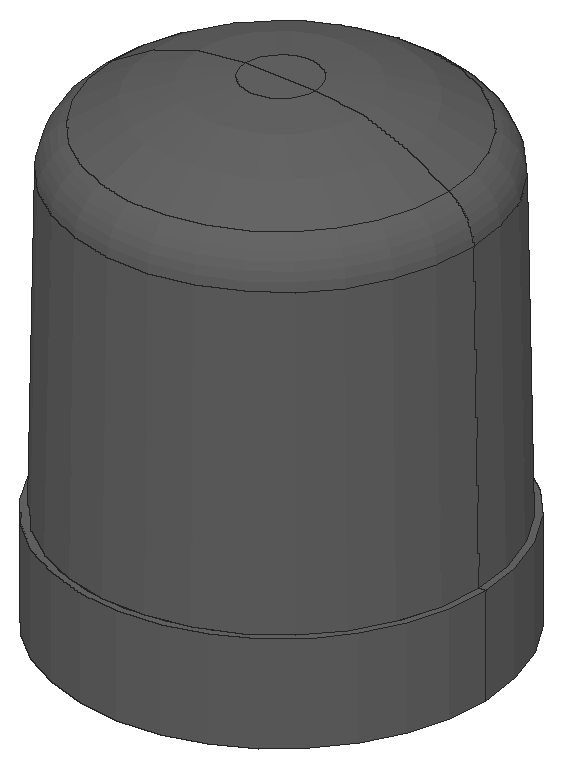
Revit family "WIR-RME", category Communication Devices, host Face, Revit 2021
Family settings
  Host = Face
  Maintain Annotation Orientation = No
  Round Connector Dimension = Use Diameter
  Part Type = Normal
  OmniClass Number = 23.85.80.11.27
  OmniClass Title = Lighting Controls
  Cut with Voids When Loaded = No
  Shared = Yes
  Room Calculation Point = No
Parameters (values of type "WIR-RME")
  Warranty = "5-Years Warranty"  # constant formula
  Electrical Rating = "Input: 120-480VAC, 16A Max, 50-60Hz\r\nOutput: 5A@120-347V, 3A@480V\r\nSurge Withstand: 2000V\r\nPeak Inrush: 160A for 2 ms Max\r\nStandby Power (W):\r\n120VAC: 1.2\r\n277VAC: 1.5\r\n347VAC: 1.5\r\n480VAC:1.3"
  Type Comments = "wiSCAPE® External Fixture Module"  # constant formula
  Product Page URL = ""
  Product Features = "On/Off lighting control with 0-10V full-range dimming\r\n• Bidirectional wireless RF Mesh communications\r\n• Compliant with ANSI C136-41 (7 & 5 pin) twist-lock receptacles\r\n• Digital input available for motion sensor, switch or photocell control\r\n• Includes built-in, internal on/off photocell\r\n• Military grade AES-128 communication encryption\r\n• Multi-level grouping and multiple scenarios\r\n• Adjustable minimum and maximum dimming levels\r\n• Programmable power-up state with peak shaving options\r\n• Commercial-grade metering\r\n• Complete integration with wiSCAPE software"  # constant formula
  Product Documentation Link = ""
  URL = "https://www.currentlighting.com/nxlightingcontrols"
  Model = "NX On-Fixture Module "  # constant formula
  Manufacturer = " NX Lighting Controls"  # constant formula
  Description = " Control Solutions' wiSCAPE External Fixture Module is a bidirectional\r\nwireless RF device that allows an individual fixture to be managed, monitored\r\nand metered. The universal voltage (110-480VAC) module provides ON/OFF\r\ncontrol and features an adaptable sink & source 0-10V output compatible with\r\nall 2-wire dimming drivers and ballast.\r\nAvailable in either 2.4GHz or 900MHz ISM (Industrial, Scientific and Medical)\r\nradio versions, each wiSCAPE External Fixture Module transmits over the air\r\nusing military grade AES-128 (Advanced Encryption Standard) security. AES is\r\na powerful encryption method used in many data security applications.\r\nThe wiSCAPE External Fixture Module drastically simplifies control and\r\nautomation of projects, especially in retrofit environments. The module\r\nconnects to ANSI C136-41-2013 7-pin or 5-pin twist-lock receptacles. The\r\nwiSCAPE wireless lighting control technology adapts easily to complex\r\nautomation situations for quick, simple and economical commissioning."  # constant formula
  Default Elevation = 48.00"
  Copyright = "Copyright ©  NX Lighting Controls"  # constant formula
  Contact Us = ""
  Housing Material = Paint - Carbon Black
  Certifications = "UL E485482\r\n2.4GHz Version - FCC: U.S. FCC Part 15.247 Class A: OUR-XBEE / OUR-XBEE PRO, Canada IC: 4214A-XBEE /\r\n4214A-XBEE PRO, Europe CE: ETSI / ETSI\r\n900MHz Version - FCC: U.S. FCC Part 15.247 Class A: MCQ-XB900HP"  # constant formula
  Assembly Code = "D5090"
Reference planes (in)
  plane 1 "Center (Front/Back)": y = 13.01342
  plane 2: z = 0
  plane 3 "Center (Left/Right)": x = 0
  plane 4: x = -1.56406
  plane 5: x = 1.56406
  plane 6: y = 11.36342
  plane 7: y = 14.66342
  plane 8: z = 3.75
Forms (in)
  Revolve 1, solid, material "Paint - Carbon Black" <- "Housing Material"
    sketch origin (0, 13.01342, 0) x (1, 0, 0) y (0, 0, 1)
      loop
        line (0, 0.00805) -> (1.56406, 0.00805) -> (1.56406, 0.75805) -> (1.51079, 0.75805) -> (1.47029, 3.07846)
        arc (1.47029, 3.07846) -> (1.41806, 3.25928) -> (1.2819, 3.38923) r 0.36098
        arc (1.2819, 3.38923) -> (0.80153, 3.63835) -> (0.26833, 3.73059) r 1.76897
        line (0.26833, 3.73059) -> (0, 3.73059) -> (0, 0.00805)
      axis (0, 3.73059) -> (0, 0.00805)
    angle from 0 to 360
Dimensions and locks (in)
  plane 5 to plane 4 = 3.12813"
  equal spacing: plane 5, plane 3 "Center (Left/Right)", plane 4
  aligned and locked: plane 2 to host face
  aligned and locked: level to host face
Automatic sketch dimensions
  host sketch curve to host sketch curve = 96.00"  (x2)
  Revolve 1 sketch curve to plane 3 "Center (Left/Right)" = 0.00"  (x2)
  plane 8 to Revolve 1 sketch curve = 0.01941"
  plane 5 to Revolve 1 sketch curve = 0.00"
  plane 3 "Center (Left/Right)" to Revolve 1 sketch curve = 0.23693"
  plane 3 "Center (Left/Right)" to Revolve 1 sketch curve = 0.26833"
  Revolve 1 sketch curve to plane 5 = 0.4547"
  Revolve 1 sketch curve to plane 5 = 0.09378"
  Revolve 1 sketch curve to plane 5 = 0.05327"
  plane 8 to Revolve 1 sketch curve = 0.67154"
  Revolve 1 sketch curve to Revolve 1 sketch curve = 0.0063"
  Revolve 1 sketch curve to Revolve 1 sketch curve = 1.11027"
  level to Revolve 1 sketch curve = 0.75805"
  level to Revolve 1 sketch curve = 0.00805"
  Revolve 1 sketch curve to level = 24.00"
  Revolve 1 sketch curve to plane 8 = 51.77668"
Connectors (in)
  electrical at (0, 13.01342, 0.00805)
    settings: on Revolve 1, index 1, voltage 0 V, apparent load 0 VA, apparent load phase1 0 VA, apparent load phase2 0 VA, apparent load phase3 0 VA, power factor 1, load classification "Other", number of poles 1, system type 13, power factor state 1, is connector primary yes, connector utility no, sub classification motor no, connector description ""
